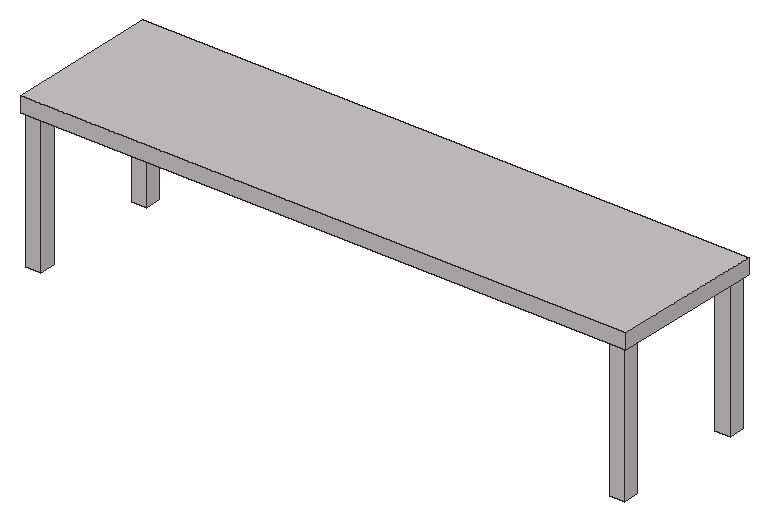
Revit family "QF_ZANUSSI_132991_OSH1L16", category Attrezzature speciali, Revit 2021
Family settings
  Quota connettore circolare = Usa diametro
  Tipo di parte = Normale
  Basato su piano di lavoro = No
  Sempre verticale = Sì
  Taglio con vuoti quando caricato = No
  Condiviso = No
  Punto di calcolo locali = No
Parameters (values of type "Standard")
  Weight = 24.00 kg
  Watts = 800 W
  Volts = 220 V
  URL Manufacturer = "http://www.zanussiprofessional.com"
  URL = "http://www.zanussiprofessional.com"
  Steam Supply Size = 0 mm
  Steam Supply Minimum Pressure = 0.0 Pa
  Steam Supply Maximum Pressure = 0.0 Pa
  Steam Consumption per Hour = 0
  Refrigeration Suction Line Size = 0.0 mm
  Refrigeration Liquid Line Size = 0.0 mm
  Refrigerant Compressor Remote = yes
  Prospetto di default = 0.0 mm
  Phase = 1
  Modello = "OSH1L16"
  Produttore = "Zanussi"
  Length Actual = 1575.0 mm  # constant formula
  Item Number = "132991"
  Hot Water Size = 0 mm
  Height Actual = 400.0 mm  # constant formula
  HP = "1.1 HP"
  Gas Size = 0 mm
  Gas KW = 0
  Gas Input Pressure = 0 W
  Direct Waste Size = 0 mm
  Descrizione = "OVERSHELF, LED&CERAMIC, ONE TIER, 1600MM"
  Depth Actual = 400.0 mm  # constant formula
  Cycle = 50 Hz
  Condensate Return Size = 0 mm
  Compressed Air Volume = 0.0 L/s
  Compressed Air Size = 0 mm
  Compressed Air Pressure = 0.0 Pa
  Cold Water Size = 0 mm
  Accessory = yes
Reference planes
  plane 1 "Center (Front/Back)": y = 0
  plane 2: z = 0
  plane 3 "Center (Left/Right)": x = -287.5
  plane 4 "LEFT": x = -1075
  plane 5 "RIGHT": x = 500
  plane 6 "BACK": y = 350
  plane 7 "FRONT": y = -50
  plane 8 "Base": z = 1260
  plane 9 "TOP": z = 1300
  plane 10: x = -1047.2
  plane 11: x = 472.2
  plane 12: y = 322.2
  plane 13: y = -22.2
  plane 14: z = 900
  plane 15 "HotElemLeft": x = -812.5
  plane 16 "HotElemRight": x = 237.5
  plane 17 "Button": x = 207.5
  plane 18 "Pulsante": through (0, 98.177, 1177.215) normal (0, 0.9659, -0.2588)
  plane 19: x = -782.5
  plane 20 "LedRight": x = 347.5
  plane 21 "LedLeft": x = -922.5
Forms (mm)
  Extrusion 1, solid, material "QF_Finishes_Stainless Steel"
    sketch origin (-287.5, 0, 900) x (0, 1, 0) y (0, 0, 1)
      loop
        line (-50, 360) -> (350, 360) -> (350, 400) -> (-50, 400) -> (-50, 360)
    from 787.5 to -787.5
  Extrusion 2, solid, material "QF_Finishes_Stainless Steel"
    sketch origin (-812.5, 0, 0) x (0, 0, -1) y (0, -1, 0)
      loop
        line (-1260, -125) -> (-1260, -175) -> (-1240, -175) -> (-1240, -185) -> (-1177.215, -201.823) -> (-1177.215, -189.823) -> (-1200.196, -170.54) -> (-1200.196, -129.46) -> (-1177.215, -110.177) -> (-1177.215, -98.177) -> (-1240, -115) -> (-1240, -125) -> (-1260, -125)
    from -2 to 0
  Extrusion 3, solid, material "QF_Finishes_Stainless Steel"
    sketch origin (237.5, 0, 0) x (0, 0, -1) y (0, -1, 0)
      loop
        line (-1260, -125) -> (-1260, -175) -> (-1240, -175) -> (-1240, -185) -> (-1177.215, -201.823) -> (-1177.215, -189.823) -> (-1200.196, -170.54) -> (-1200.196, -129.46) -> (-1177.215, -110.177) -> (-1177.215, -98.177) -> (-1240, -115) -> (-1240, -125) -> (-1260, -125)
    from 0 to 2
  Extrusion 4, solid, material "QF_Finishes_Stainless Steel"
    sketch origin (-287.5, 0, 0) x (0, 1, 0) y (0, 0, 1)
      loop
        line (175, 1260) -> (125, 1260) -> (125, 1240) -> (115, 1240) -> (98.177, 1177.215) -> (110.177, 1177.215) -> (110.177, 1179.215) -> (100.783, 1179.215) -> (116.535, 1238) -> (127, 1238) -> (127, 1258) -> (173, 1258) -> (173, 1238) -> (183.465, 1238) -> (199.217, 1179.215) -> (189.823, 1179.215) -> (189.823, 1177.215) -> (201.823, 1177.215) -> (185, 1240) -> (175, 1240) -> (175, 1260)
      loop
        line (170.54, 1200.196) -> (170.54, 1202.196) -> (129.46, 1202.196) -> (129.46, 1200.196) -> (170.54, 1200.196)
    from 523 to -523
  Extrusion 5, solid, material "QF_Plastic-Black-Matte"
    sketch origin (80.054, -206.22, 41.192) x (0, -0.258819, -0.965926) y (-1, 0, 0)
      loop
        line (-1235.373, -111.446) -> (-1235.373, -143.446) -> (-1215.373, -143.446) -> (-1215.373, -111.446) -> (-1235.373, -111.446)
      loop
        line (-1233.373, -113.446) -> (-1233.373, -141.446) -> (-1217.373, -141.446) -> (-1217.373, -113.446) -> (-1233.373, -113.446)
    from 0 to -2
  Sweep 6, solid, material "QF_Finishes_Green"
    path origin (80.054, -206.22, 41.192) x (0, -0.258819, -0.965926) y (-1, 0, 0)
      loop
        line (-1233.373, -113.446) -> (-1217.373, -113.446)
    profile origin (193.5, 110.93, 1224.811) x (-1, 0, 0) y (0, 0.965926, -0.258819)
      loop
        line (0, 0) -> (-28, 0) -> (-28, -2) -> (-14, -2) -> (-2.294, -8) -> (0, 0)
  Extrusion 7, solid, material "QF_Finishes_Light"
    sketch origin (-287.5, 0, 0) x (0, 1, 0) y (0, 0, 1)
      loop
        arc (175.262, 1176.834) -> (179.051, 1178.162) -> (178.135, 1182.071) r 3.003
        arc (178.135, 1182.071) -> (168.398, 1186.322) -> (158.051, 1188.738) r 58.388
        line (158.051, 1188.738) -> (158.051, 1200.196) -> (141.949, 1200.196) -> (141.949, 1189.541)
        arc (141.949, 1189.541) -> (131.603, 1187.125) -> (121.866, 1182.874) r 58.388
        arc (121.866, 1182.874) -> (120.548, 1178.491) -> (124.821, 1176.854) r 3.362
        arc (124.821, 1176.854) -> (150.044, 1183.315) -> (175.262, 1176.834) r 52.386
    from -495 to 495
  Extrusion 8, void
    sketch origin (-287.5, 0, 0) x (0, 1, 0) y (0, 0, 1)
      loop
        line (297.2, 1260) -> (297.2, 1270) -> (277.2, 1270) -> (277.2, 1260) -> (297.2, 1260)
    from -635 to 635
  Extrusion 9, solid, material "QF_Finishes_Light"
    sketch origin (-287.5, 0, 0) x (0, 1, 0) y (0, 0, 1)
      loop
        line (297.2, 1270) -> (277.2, 1270) -> (277.2, 1260) -> (297.2, 1260) -> (297.2, 1270)
    from -635 to 635
Cuts and joins
  Extrusion 8 cuts Extrusion 1
Lines and regions (mm)
  symbolic lines
    curve 1: line (500, 350, 1300) -> (-1075, 350, 1300)
    curve 2: line (-1075, 350, 1300) -> (-1075, -50, 1300)
    curve 3: line (-1075, -50, 1300) -> (500, -50, 1300)
    curve 4: line (500, -50, 1300) -> (500, 350, 1300)
    curve 5: line (-1075, -50, 1300) -> (500, 350, 1300)
  symbolic lines, style "SpecialityEquipmentHiddenLines"
    curve 6: line (-1067.2, -2.2, 1300) -> (-1027.2, -2.2, 1300)
    curve 7: line (-1027.2, -2.2, 1300) -> (-1027.2, -42.2, 1300)
    curve 8: line (-1027.2, -42.2, 1300) -> (-1067.2, -42.2, 1300)
    curve 9: line (-1067.2, -42.2, 1300) -> (-1067.2, -2.2, 1300)
    curve 10: line (-1067.2, 342.2, 1300) -> (-1027.2, 342.2, 1300)
    curve 11: line (-1027.2, 342.2, 1300) -> (-1027.2, 302.2, 1300)
    curve 12: line (-1027.2, 302.2, 1300) -> (-1067.2, 302.2, 1300)
    curve 13: line (-1067.2, 302.2, 1300) -> (-1067.2, 342.2, 1300)
    curve 14: line (452.2, 342.2, 1300) -> (492.2, 342.2, 1300)
    curve 15: line (492.2, 342.2, 1300) -> (492.2, 302.2, 1300)
    curve 16: line (492.2, 302.2, 1300) -> (452.2, 302.2, 1300)
    curve 17: line (452.2, 302.2, 1300) -> (452.2, 342.2, 1300)
    curve 18: line (452.2, -2.2, 1300) -> (492.2, -2.2, 1300)
    curve 19: line (492.2, -2.2, 1300) -> (492.2, -42.2, 1300)
    curve 20: line (492.2, -42.2, 1300) -> (452.2, -42.2, 1300)
    curve 21: line (452.2, -42.2, 1300) -> (452.2, -2.2, 1300)
Dimensions and locks
  plane 4 "LEFT" to plane 5 "RIGHT" = 1575.0 mm
  equal spacing: plane 4 "LEFT", plane 3 "Center (Left/Right)", plane 5 "RIGHT"
  plane 4 "LEFT" to plane 10 = 27.8 mm
  plane 11 to plane 5 "RIGHT" = 27.8 mm
  plane 10 to plane 11 = 1519.4 mm
  plane 6 "BACK" to plane 12 = 27.8 mm
  plane 13 to plane 7 "FRONT" = 27.8 mm
  plane 6 "BACK" to plane 7 "FRONT" = 400.0 mm
  plane 12 to plane 13 = 344.4 mm
  plane 6 "BACK" to plane 1 "Center (Front/Back)" to plane 7 "FRONT" = 350.0 mm, 50.0 mm
  plane 14 to level = 900.0 mm
  locked: plane 8 "Base" to plane 14 at 360
  locked: plane 9 "TOP" to plane 14 at 400
  plane 3 "Center (Left/Right)" to plane 15 "HotElemLeft" = 525.0 mm
  plane 16 "HotElemRight" to plane 3 "Center (Left/Right)" = 525.0 mm
  locked: plane 17 "Button" to plane 16 "HotElemRight" at 30
  locked: plane 15 "HotElemLeft" to plane 19 at 30
  plane 3 "Center (Left/Right)" to plane 21 "LedLeft" = 635.0 mm
  plane 20 "LedRight" to plane 3 "Center (Left/Right)" = 635.0 mm
  aligned and locked: level to plane 2
  aligned and locked: plane 10 to nested 1
  aligned and locked: nested 1 to plane 13
  aligned and locked: plane 11 to nested 2
  aligned and locked: nested 2 to plane 13
  aligned and locked: plane 11 to nested 4
  aligned and locked: nested 4 to plane 12
  aligned and locked: plane 10 to nested 3
  aligned and locked: nested 3 to plane 12
  aligned and locked: Extrusion 1 to plane 4 "LEFT"
  aligned and locked: plane 5 "RIGHT" to Extrusion 1
  aligned and locked: curve 2 to plane 4 "LEFT"
  aligned and locked: plane 15 "HotElemLeft" to Extrusion 2
  aligned and locked: Extrusion 3 to plane 16 "HotElemRight"
  aligned and locked: Extrusion 4 to Extrusion 2
  aligned and locked: Extrusion 4 to Extrusion 3
  aligned and locked: plane 17 "Button" to Sweep 6
  aligned and locked: Extrusion 7 to plane 19
  aligned and locked: plane 17 "Button" to Extrusion 7
  aligned and locked: cut or joined group of Extrusion 1, Extrusion 8 to plane 21 "LedLeft"
  aligned and locked: plane 20 "LedRight" to cut or joined group of Extrusion 1, Extrusion 8
  aligned and locked: Extrusion 9 to plane 21 "LedLeft"
  aligned and locked: plane 20 "LedRight" to Extrusion 9
Automatic sketch dimensions
  curve 4 to plane 5 "RIGHT" = 0.0 mm
  curve 4 to plane 7 "FRONT" = 0.0 mm
  curve 4 to plane 6 "BACK" = 0.0 mm
  plane 7 "FRONT" to curve 20 = 7.8 mm
  plane 7 "FRONT" to curve 9 = 7.8 mm
  plane 1 "Center (Front/Back)" to curve 6 = 2.2 mm
  plane 1 "Center (Front/Back)" to curve 21 = 2.2 mm
  curve 11 to plane 12 = 20.0 mm
  curve 17 to plane 12 = 20.0 mm
  curve 15 to plane 6 "BACK" = 7.8 mm
  curve 13 to plane 6 "BACK" = 7.8 mm
  curve 19 to plane 5 "RIGHT" = 7.8 mm
  curve 15 to plane 5 "RIGHT" = 7.8 mm
  curve 16 to plane 11 = 20.0 mm
  curve 18 to plane 11 = 20.0 mm
  plane 10 to curve 11 = 20.0 mm
  plane 10 to curve 6 = 20.0 mm
  plane 4 "LEFT" to curve 9 = 7.8 mm
  plane 4 "LEFT" to curve 10 = 7.8 mm
  Extrusion 1 sketch curve to plane 7 "FRONT" = 0.0 mm
  Extrusion 1 sketch curve to plane 6 "BACK" = 0.0 mm
  Extrusion 1 sketch curve to plane 8 "Base" = 0.0 mm
  Extrusion 1 sketch curve to plane 9 "TOP" = 0.0 mm
  Extrusion 2 sketch curve to plane 8 "Base" = 0.0 mm
  Extrusion 2 sketch curve to plane 8 "Base" = 20.0 mm  (x2)
  Extrusion 2 sketch curve to Extrusion 2 sketch curve = 39.804 mm
  Extrusion 2 sketch curve to Extrusion 2 sketch curve = 22.981 mm  (x2)
  Extrusion 2 sketch curve to plane 12 = 120.377 mm
  Extrusion 2 sketch curve to Extrusion 2 sketch curve = 12.0 mm  (x2)
  Extrusion 2 sketch curve to Extrusion 2 sketch curve = 4.823 mm
  Extrusion 2 sketch curve to Extrusion 2 sketch curve = 10.0 mm  (x2)
  Extrusion 2 sketch curve to Extrusion 2 sketch curve = 19.284 mm  (x2)
  Extrusion 2 sketch curve to Extrusion 2 sketch curve = 41.079 mm
  Extrusion 2 sketch curve to Extrusion 2 sketch curve = 50.0 mm
  Extrusion 3 sketch curve to plane 8 "Base" = 0.0 mm
  Extrusion 3 sketch curve to Extrusion 3 sketch curve = 20.0 mm
  Extrusion 3 sketch curve to plane 8 "Base" = 20.0 mm
  Extrusion 3 sketch curve to Extrusion 3 sketch curve = 39.804 mm
  Extrusion 3 sketch curve to Extrusion 3 sketch curve = 22.981 mm  (x2)
  Extrusion 3 sketch curve to plane 12 = 120.377 mm
  Extrusion 3 sketch curve to Extrusion 3 sketch curve = 12.0 mm  (x2)
  Extrusion 3 sketch curve to Extrusion 3 sketch curve = 4.823 mm
  Extrusion 3 sketch curve to Extrusion 3 sketch curve = 10.0 mm  (x2)
  Extrusion 3 sketch curve to Extrusion 3 sketch curve = 19.284 mm  (x2)
  Extrusion 3 sketch curve to Extrusion 3 sketch curve = 41.079 mm
  Extrusion 3 sketch curve to Extrusion 3 sketch curve = 50.0 mm
  plane 17 "Button" to Extrusion 5 sketch curve = 16.0 mm
  Extrusion 5 sketch curve to Extrusion 5 sketch curve = 20.0 mm
  Extrusion 5 sketch curve to Extrusion 5 sketch curve = 32.0 mm
  Extrusion 5 sketch curve to Extrusion 5 sketch curve = 2.0 mm  (x4)
  Sweep 6 sketch curve to plane 17 "Button" = 14.0 mm
  Sweep 6 sketch curve to Sweep 6 sketch curve = 16.0 mm
  plane 18 "Pulsante" to Sweep 6 sketch curve = 0.0 mm
  Sweep 6 sketch curve to profile plane = 0.0 mm
  Sweep 6 sketch curve to plane 18 "Pulsante" = 2.0 mm
  profile plane to Sweep 6 sketch curve = 14.0 mm
  Sweep 6 sketch curve to Sweep 6 sketch curve = 14.0 mm
  profile plane to Sweep 6 sketch curve = 2.294 mm
  Sweep 6 sketch curve to plane 18 "Pulsante" = 8.0 mm
  Extrusion 7 sketch curve to Extrusion 7 sketch curve = 0.021 mm
  Extrusion 7 sketch curve to plane 1 "Center (Front/Back)" = 123.566 mm
  Extrusion 7 sketch curve to Extrusion 7 sketch curve = 18.383 mm
  Extrusion 7 sketch curve to Extrusion 7 sketch curve = 16.102 mm
  Extrusion 7 sketch curve to Extrusion 7 sketch curve = 18.367 mm
  Extrusion 7 sketch curve to plane 8 "Base" = 129.071 mm
  Extrusion 7 sketch curve to Extrusion 7 sketch curve = 1.7 mm
  Extrusion 7 sketch curve to Extrusion 7 sketch curve = 1.255 mm
  Extrusion 7 sketch curve to Extrusion 7 sketch curve = 1.156 mm
  Extrusion 7 sketch curve to Extrusion 7 sketch curve = 1.717 mm
  Extrusion 7 sketch curve to Extrusion 7 sketch curve = 3.119 mm
  Extrusion 7 sketch curve to Extrusion 7 sketch curve = 0.023 mm
  Extrusion 7 sketch curve to Extrusion 7 sketch curve = 25.18 mm
  Extrusion 7 sketch curve to Extrusion 7 sketch curve = 48.677 mm
  Extrusion 7 sketch curve to Extrusion 7 sketch curve = 11.458 mm
  Extrusion 7 sketch curve to Extrusion 7 sketch curve = 0.024 mm
  Extrusion 7 sketch curve to Extrusion 7 sketch curve = 0.782 mm
  Extrusion 7 sketch curve to Extrusion 7 sketch curve = 0.367 mm
  plane 18 "Pulsante" to Extrusion 4 sketch curve = 0.0 mm  (x2)
  Extrusion 4 sketch curve to plane 8 "Base" = 0.0 mm
  Extrusion 4 sketch curve to plane 8 "Base" = 82.785 mm
  Extrusion 4 sketch curve to Extrusion 4 sketch curve = 2.606 mm  (x2)
  Extrusion 4 sketch curve to Extrusion 4 sketch curve = 9.394 mm  (x2)
  Extrusion 4 sketch curve to plane 8 "Base" = 20.0 mm  (x2)
  Extrusion 4 sketch curve to Extrusion 4 sketch curve = 1.535 mm  (x2)
  Extrusion 4 sketch curve to Extrusion 4 sketch curve = 8.465 mm  (x2)
  Extrusion 4 sketch curve to Extrusion 4 sketch curve = 2.0 mm  (x6)
  Extrusion 4 sketch curve to Extrusion 4 sketch curve = 19.284 mm  (x2)
  Extrusion 4 sketch curve to plane 8 "Base" = 22.0 mm
  Extrusion 4 sketch curve to Extrusion 4 sketch curve = 46.0 mm
  Extrusion 4 sketch curve to Extrusion 4 sketch curve = 6.358 mm
  Extrusion 4 sketch curve to Extrusion 4 sketch curve = 60.785 mm
  Extrusion 4 sketch curve to Extrusion 4 sketch curve = 20.981 mm
  Extrusion 4 sketch curve to plane 8 "Base" = 2.0 mm
  Extrusion 8 sketch curve to plane 8 "Base" = 0.0 mm
  plane 8 "Base" to Extrusion 8 sketch curve = 10.0 mm
  Extrusion 8 sketch curve to plane 12 = 45.0 mm
  Extrusion 8 sketch curve to Extrusion 8 sketch curve = 20.0 mm
  Extrusion 9 sketch curve to plane 8 "Base" = 0.0 mm
  plane 8 "Base" to Extrusion 9 sketch curve = 10.0 mm
  Extrusion 9 sketch curve to plane 12 = 45.0 mm
  Extrusion 9 sketch curve to Extrusion 9 sketch curve = 20.0 mm
Nested families
  nested 1: "FEET_40x40_H360" at (-1047.2, -22.2, 900), type "FEET_40x40_H360"
  nested 2: "FEET_40x40_H360" at (472.2, -22.2, 900), type "FEET_40x40_H360"
  nested 3: "FEET_40x40_H360" at (-1047.2, 322.2, 900), type "FEET_40x40_H360"
  nested 4: "FEET_40x40_H360" at (472.2, 322.2, 900), type "FEET_40x40_H360"
Connectors
  electrical at (207.5, 108.998, 1225.328), driven by "Volts"
    settings: on Extrusion 5, index 1, voltage 220 V, apparent load 0 VA, apparent load phase1 0 VA, apparent load phase2 0 VA, apparent load phase3 0 VA, power factor 1, load classification "Other", number of poles 1, system type 30, power factor state 1, is connector primary yes, connector utility no, sub classification motor no, connector description "Electrical Connection"
Definition of nested family "FEET_40x40_H360"
  Parameters
    Default Elevation = 0.0 mm
    FEET = 360.0 mm
  Reference planes
    plane 1 "Center (Front/Back)": y = 0
    plane 2: z = 0
    plane 3 "Center (Left/Right)": x = 0
    plane 4: z = 360
  Forms (mm)
    Extrusion 1, solid
      sketch origin (0, 0, 0) x (1, 0, 0) y (0, 1, 0)
        loop
          line (-20, -20) -> (20, -20) -> (20, 20) -> (-20, 20) -> (-20, -20)
      from 0 to 360
  Lines and regions (mm)
    symbolic lines
      curve 1: line (0, -1.503, 0) -> (0, 1.508, 0)
      curve 2: line (1.561, 0, 0) -> (-1.439, 0, 0)
  Dimensions and locks
    "FEET": plane 4 to plane 2
    aligned and locked: level to plane 2
  Automatic sketch dimensions
    plane 1 "Center (Front/Back)" to curve 2 = 0.0 mm
    curve 1 to plane 3 "Center (Left/Right)" = 0.0 mm
    curve 2 to plane 3 "Center (Left/Right)" = 1.439 mm
    plane 3 "Center (Left/Right)" to curve 2 = 1.561 mm
    plane 1 "Center (Front/Back)" to curve 1 = 1.503 mm
    curve 1 to plane 1 "Center (Front/Back)" = 1.508 mm
    Extrusion 1 sketch curve to plane 3 "Center (Left/Right)" = 20.0 mm
    plane 3 "Center (Left/Right)" to Extrusion 1 sketch curve = 20.0 mm
    plane 1 "Center (Front/Back)" to Extrusion 1 sketch curve = 20.0 mm
    Extrusion 1 sketch curve to plane 1 "Center (Front/Back)" = 20.0 mm
